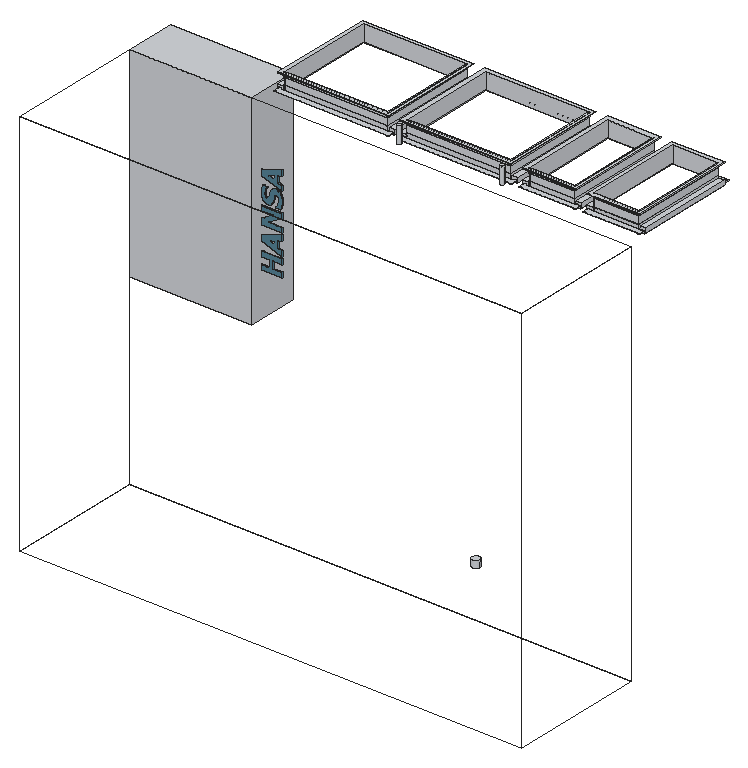
Revit family "KL-P-015-R", category HLS-Bauteile, Revit 2020
Family settings
  Bemaßung runder Anschluss = Durchmesser verwenden
  Klassifizierung = Keine
  Teiletyp = Normal
  Arbeitsebenenbasiert = Nein
  Immer vertikal = Ja
  Beim Laden mit Abzugskörper schneiden = Nein
  Gemeinsam genutzt = Nein
  Raumberechnungspunkt = Nein
Parameters
  Zuluftbreite [instance] = 505 mm  # constant formula
  Vorgabe-Ansicht = 0 mm
  TyS [instance] = size_lookup("TyS_Hansa_KL_P", "", "ND", RLT_Serie, Gehaeuserichtung, Gehaeuseausfuehrung, RLT_MSR_KZ)  # "KL-P-015-R-eCS"
  Schaltschrankbreite [instance] = 600 mm
  Schaltschrank_montiert [instance] = yes
  SSaG [instance] = and(or(Regelung SAIA, Regelung OJ), Schaltschrank_montiert)  # yes
  Regelung SAIA [instance] = yes
  Regelung OJ [instance] = no
  RLT_Volumenstrom_max = 1500 m³/h  # constant formula
  RLT_Volumenstrom_Unit_2 [instance] = 1500 m³/h
  RLT_Volumenstrom_Unit_1 [instance] = 1500 m³/h
  RLT_Typenschlüssel [instance] = TyS  # "KL-P-015-R-eCS"
  RLT_Serie = "KL-P-015"  # constant formula
  RLT_Material_außen [instance] = Stahlblech verzinkt + RAL 9002
  RLT_MSR_KZ [instance] = if(Regelung SAIA, "eCS", if(Regelung OJ, "eCO", "-"))  # "eCS"
  RLT_Länge [instance] = L  # 1860 mm
  RLT_Höhe = H  # 1790 mm
  RLT_Gewicht [instance] = size_lookup("TD_Hansa_KL_P", "Gewicht", 0 mm, TyS) / 1 mm * 1.00 kg  # 557.00 kg
  RLT_Breite = B  # 670 mm
  Modell = "KL-P-015-R"  # constant formula
  L2 = 630 mm  # constant formula
  L1 = 1230 mm  # constant formula
  L = L1 + L2  # 1860 mm
  Kanaltiefe [instance] = RLT_Breite - 190 mm  # 480 mm
  Hersteller = "Hansa"  # constant formula
  H = 1790 mm  # constant formula
  GeräteOK [instance] = H + Fuß  # 1910 mm
  Gehaeuserichtung [instance] = "R"  # constant formula
  Gehaeuseausfuehrung [instance] = "ungeteilt"  # constant formula
  GD_Spannung [instance] = 230 V
  GD_Phasen [instance] = 1
  GD_Nennstrom [instance] = 0 A
  GD_Anschlussleistung [instance] = 0 W
  Fuß [instance] = 120 mm  # constant formula
  Fortluftbreite = 220 mm  # constant formula
  Bedienzone [instance] = yes
  Baugruppe [instance] = "RLT-Gerät"  # constant formula
  BZl [instance] = if(and(or(Regelung SAIA, Regelung OJ), Schaltschrank_montiert), L + Schaltschrankbreite, L)  # 2460 mm
  B = 670 mm  # constant formula
  Außenluftbreite = 220 mm  # constant formula
  Abluftbreite [instance] = 505 mm  # constant formula
Reference planes
  plane 1 "Mitte (Vorne/hinten)": y = 0
  plane 2: z = 0
  plane 3 "Mitte (Links/rechts)": x = 0
  plane 4: x = -930
  plane 5: x = 930
  plane 6 "GV": y = -335
  plane 7 "GH": y = 335
  plane 8 "OKG": z = 1910
  plane 9: y = 272.5
  plane 10: y = -312.5
  plane 11: x = -867.5
  plane 12: x = 867.5
  plane 13: x = -362.5
  plane 14: x = -267.5
  plane 15: x = 237.5
  plane 16: x = 647.5
  plane 17: x = 552.5
  plane 18: x = 332.5
  plane 19: z = 1990
  plane 20 "UKG": z = 120
  plane 21: y = -85
  plane 22: y = -125
  plane 23: z = 90
  plane 24: y = -259
  plane 25: x = 300
  plane 26: y = -1005
  plane 27: x = -1530
Forms (mm)
  Extrusion 1, solid, visible <- "SSaG"
    sketch origin (-61.559, 0, -70) x (1, 0, 0) y (0, 0, 1)
      loop
        line (-1468.441, 1980) -> (-1468.441, 980) -> (-868.441, 980) -> (-868.441, 1980) -> (-1468.441, 1980)
    from 335 to 85
  Extrusion 2, solid
    sketch origin (0, 0, 0) x (1, 0, 0) y (0, 1, 0)
      loop
        circle (0, -125) r 20
    from 120 to 90
  Extrusion 3, solid, material "Glas - klar", visible <- "Bedienzone"
    sketch origin (-600, 0, 0) x (1, 0, 0) y (0, 1, 0)
      loop
        line (-930, -335) -> (-930, -1005) -> (1530, -1005) -> (1530, -335) -> (-930, -335)
    from 1910 to 0
  Extrusion 4, solid
    sketch origin (0, 0, 0) x (1, 0, 0) y (0, 1, 0)
      loop
        circle (-267.5, -259) r 10
    from 1990 to 1910
  Extrusion 5, solid
    sketch origin (0, 0, 0) x (1, 0, 0) y (0, 1, 0)
      loop
        circle (237.5, -259) r 10
    from 1990 to 1910
Dimensions and locks
  equal spacing: plane 4, plane 3 "Mitte (Links/rechts)", plane 5
  "L": plane 4 to plane 5
  "B": plane 7 "GH" to plane 6 "GV"
  locked: plane 7 "GH" to plane 9 at 62.5
  locked: plane 4 to plane 11 at 62.5
  locked: plane 12 to plane 5 at 62.5
  "Abluftbreite": plane 11 to plane 13
  locked: plane 13 to plane 14 at 95
  "Zuluftbreite": plane 14 to plane 15
  "Fortluftbreite": plane 16 to plane 12
  locked: plane 17 to plane 16 at 95
  "Außenluftbreite": plane 18 to plane 17
  plane 15 to plane 18 = 95 mm
  locked: nested 3 to plane 16 at 95
  "Fuß": plane 20 "UKG" to level
  plane 19 to plane 8 "OKG" = 80 mm
  locked: plane 4 to nested 1 at 62.5
  locked: plane 13 to nested 2 at 95
  locked: nested 4 to plane 5 at 62.5
  plane 5 to Extrusion 1 = 1860 mm
  "RLT_Höhe": plane 8 "OKG" to plane 20 "UKG"
  equal spacing: plane 7 "GH", plane 1 "Mitte (Vorne/hinten)", plane 6 "GV"
  locked: plane 6 "GV" to plane 21 at 250
  locked: plane 6 "GV" to plane 22 at 210
  plane 20 "UKG" to plane 23 = 30 mm
  locked: plane 24 to plane 6 "GV" at 76
  "L1": plane 4 to plane 25
  "B": plane 26 to plane 6 "GV"
  "BZl": Extrusion 3 to Extrusion 3
  "Schaltschrankbreite": plane 27 to plane 4
  aligned and locked: level to plane 2
  aligned and locked: plane 8 "OKG" to Extrusion 1
  aligned and locked: Extrusion 1 to plane 6 "GV"
  aligned and locked: plane 21 to Extrusion 1
  aligned and locked: plane 20 "UKG" to Extrusion 2
  aligned and locked: Extrusion 2 to plane 23
  aligned and locked: Extrusion 3 to plane 6 "GV"
  aligned and locked: Extrusion 3 to plane 26
  aligned and locked: plane 8 "OKG" to Extrusion 3
  aligned and locked: Extrusion 1 to plane 4
  aligned and locked: plane 19 to Extrusion 4
  aligned and locked: Extrusion 4 to plane 8 "OKG"
  aligned and locked: plane 19 to Extrusion 5
  aligned and locked: Extrusion 1 to Extrusion 3
  aligned and locked: plane 7 "GH" to nested 6
  aligned and locked: plane 4 to nested 6
Automatic sketch dimensions
  Extrusion 1 sketch curve to plane 5 = 2460 mm
  Extrusion 1 sketch curve to plane 8 "OKG" = 0 mm
  Extrusion 1 sketch curve to plane 5 = 1860 mm
  plane 20 "UKG" to Extrusion 1 sketch curve = 790 mm
  Extrusion 2 sketch curve to plane 3 "Mitte (Links/rechts)" = 0 mm
  Extrusion 2 sketch curve to plane 22 = 0 mm
  plane 4 to Extrusion 3 sketch curve = 600 mm
  Extrusion 3 sketch curve to plane 5 = 0 mm
  Extrusion 3 sketch curve to plane 26 = 0 mm
  plane 6 "GV" to Extrusion 3 sketch curve = 0 mm
  Extrusion 4 sketch curve to plane 14 = 0 mm
  Extrusion 4 sketch curve to plane 24 = 0 mm
  Extrusion 5 sketch curve to plane 15 = 0 mm
  Extrusion 5 sketch curve to plane 24 = 0 mm
  radius of Extrusion 2 sketch curve = 20 mm
  radius of Extrusion 4 sketch curve = 10 mm
  radius of Extrusion 5 sketch curve = 10 mm
Nested families
  nested 1: "Kanalstutzen" at (-615, 29.209, 1910) x (1, 0, 0) z (0, -1, 0), 2570_EST_Breite <- "Abluftbreite", 2571_EST_Höhe <- "Kanaltiefe", built-in parameter 1001360 <- "GeräteOK", type "Kanalstutzen"
    with Tiefe 80 mm, RahmenG2 20 mm, RahmenG1 30 mm, Höhe 480 mm, Breite 505 mm, 2572_EST_Tiefe 80 mm, 2571_EST_Höhe 480 mm, 2570_EST_Breite 505 mm, 1966_EST_Rahmentyp ""
  nested 2: "Kanalstutzen" at (-15, 29.209, 1910) x (1, 0, 0) z (0, -1, 0), 2570_EST_Breite <- "Zuluftbreite", 2571_EST_Höhe <- "Kanaltiefe", built-in parameter 1001360 <- "GeräteOK", type "Kanalstutzen"
    with Tiefe 80 mm, RahmenG2 20 mm, RahmenG1 30 mm, Höhe 480 mm, Breite 505 mm, 2572_EST_Tiefe 80 mm, 2571_EST_Höhe 480 mm, 2570_EST_Breite 505 mm, 1966_EST_Rahmentyp ""
  nested 3: "Kanalstutzen" at (442.5, 29.209, 1910) x (1, 0, 0) z (0, -1, 0), 2570_EST_Breite <- "Außenluftbreite", 2571_EST_Höhe <- "Kanaltiefe", built-in parameter 1001360 <- "GeräteOK", type "Kanalstutzen"
    with Tiefe 80 mm, RahmenG2 20 mm, RahmenG1 30 mm, Höhe 480 mm, Breite 220 mm, 2572_EST_Tiefe 80 mm, 2571_EST_Höhe 480 mm, 2570_EST_Breite 220 mm, 1966_EST_Rahmentyp ""
  nested 4: "Kanalstutzen" at (757.5, 29.209, 1910) x (1, 0, 0) z (0, -1, 0), 2570_EST_Breite <- "Fortluftbreite", 2571_EST_Höhe <- "Kanaltiefe", built-in parameter 1001360 <- "GeräteOK", type "Kanalstutzen"
    with Tiefe 80 mm, RahmenG2 20 mm, RahmenG1 30 mm, Höhe 480 mm, Breite 220 mm, 2572_EST_Tiefe 80 mm, 2571_EST_Höhe 480 mm, 2570_EST_Breite 220 mm, 1966_EST_Rahmentyp ""
  nested 5: "Hansa_Aufkleber_klein" at (-780, -335, 1390) x (0, 0, 1) z (0, -1, 0), type "Hansa_Aufkleber_klein"
  nested 6: "P-015-R_ipt" at (0, 0, 0), type "Norm"
Connectors
  hvac at (-615, 29.209, 1989), driven by "RLT_Volumenstrom_Unit_2", driven by "Abluftbreite", driven by "Kanaltiefe"
    settings: on nested 1, index 1, duct flow 1500 m³/h, flow factor 0, pres drop 0.0 Pa, loss coef 0, conn angle 0.00°, conn width 505 mm, conn height 480 mm, conn diameter 609.6 mm, duct sys type 2, conn prof type 1, flow config 0, flow direction 1, loss method 0, conn ref index -1, conn util no, is conn primary yes, conn desc ""
  hvac at (-15, 29.209, 1989), driven by "RLT_Volumenstrom_Unit_1", driven by "Zuluftbreite", driven by "Kanaltiefe"
    settings: on nested 2, index 2, duct flow 1500 m³/h, flow factor 0, pres drop 0.0 Pa, loss coef 0, conn angle 0.00°, conn width 505 mm, conn height 480 mm, conn diameter 609.6 mm, duct sys type 1, conn prof type 1, flow config 0, flow direction 2, loss method 0, conn ref index -1, conn util no, is conn primary no, conn desc ""
  hvac at (442.5, 29.209, 1989), driven by "RLT_Volumenstrom_Unit_1", driven by "Außenluftbreite", driven by "Kanaltiefe"
    settings: on nested 3, index 3, duct flow 1500 m³/h, flow factor 0, pres drop 0.0 Pa, loss coef 0, conn angle 0.00°, conn width 220 mm, conn height 480 mm, conn diameter 609.6 mm, duct sys type 1, conn prof type 1, flow config 0, flow direction 1, loss method 0, conn ref index -1, conn util no, is conn primary no, conn desc ""
  hvac at (757.5, 29.209, 1989), driven by "RLT_Volumenstrom_Unit_2", driven by "Fortluftbreite", driven by "Kanaltiefe"
    settings: on nested 4, index 4, duct flow 1500 m³/h, flow factor 0, pres drop 0.0 Pa, loss coef 0, conn angle 0.00°, conn width 220 mm, conn height 480 mm, conn diameter 609.6 mm, duct sys type 3, conn prof type 1, flow config 1, flow direction 2, loss method 0, conn ref index -1, conn util no, is conn primary no, conn desc ""
  piping at (0, -125, 90), diameter 40
    settings: on Extrusion 2, index 5, connector inside diameter 609.6 mm, connector length 0 mm, flow factor 0, pipe flow 0.0 L/s, pressure drop 0.0 Pa, fitting loss kfactor 0, connector angle 0.00°, fixture units 0, engagement length 0 mm, angle of deflection 0.00°, flow configuration 0, flow direction 2, fitting loss method 0, system type 16, joint type 0, gender type 0, connector reference index -1, connector utility 0, adjustable connector no, is connector primary yes, connector description ""
  piping at (-267.5, -259, 1990), diameter 20
    settings: on Extrusion 4, index 6, connector inside diameter 609.6 mm, connector length 0 mm, flow factor 0, pipe flow 0.0 L/s, pressure drop 0.0 Pa, fitting loss kfactor 0, connector angle 0.00°, fixture units 0, engagement length 0 mm, angle of deflection 0.00°, flow configuration 0, flow direction 0, fitting loss method 0, system type 19, joint type 0, gender type 0, connector reference index -1, connector utility 0, adjustable connector no, is connector primary no, connector description ""
  piping at (237.5, -259, 1990), diameter 20
    settings: on Extrusion 5, index 7, connector inside diameter 609.6 mm, connector length 0 mm, flow factor 0, pipe flow 0.0 L/s, pressure drop 0.0 Pa, fitting loss kfactor 0, connector angle 0.00°, fixture units 0, engagement length 0 mm, angle of deflection 0.00°, flow configuration 0, flow direction 0, fitting loss method 0, system type 19, joint type 0, gender type 0, connector reference index -1, connector utility 0, adjustable connector no, is connector primary no, connector description ""
Definition of nested family "Kanalstutzen"
  Parameters (values of type "Kanalstutzen")
    Default Elevation = 0 mm
    Tiefe [instance] = [2572_EST_Tiefe]  # 80 mm
    RahmenG2 [instance] = 20 mm
    RahmenG1 [instance] = 30 mm
    Höhe [instance] = [2571_EST_Höhe]  # 500 mm
    Manufacturer = "Hansa"
    Breite [instance] = [2570_EST_Breite]  # 1000 mm
    Description = "Durchbruchsverkleidung"
    2572_EST_Tiefe [instance] = 80 mm
    2571_EST_Höhe [instance] = 500 mm
    2570_EST_Breite [instance] = 1000 mm
    1966_EST_Rahmentyp [instance] = ""
  Reference planes
    plane 1 "Mitte (Vorne/hinten)": y = 0
    plane 2: z = 0
    plane 3 "Mitte (Links/rechts)": x = 0
    plane 4: x = -500
    plane 5: x = 500
    plane 6 "hinten": y = 80
    plane 7: z = 250
    plane 8: z = -250
    plane 9 "R1links": x = -530
    plane 10 "R1rechts": x = 530
    plane 11 "R2links": x = -520
    plane 12 "R2rechts": x = 520
    plane 13 "R1oben": z = 280
    plane 14 "R1unten": z = -280
    plane 15: z = -270
    plane 16: z = 270
  Forms (mm)
    Sweep 1, solid
      path origin (0, 0, 0) x (1, 0, 0) y (0, 0, 1)
        loop
          line (-500, 250) -> (-500, -250) -> (500, -250) -> (500, 250) -> (-500, 250)
      profile origin (0, 0, 250) x (0, 0, 1) y (0, -1, 0)
        loop
          line (0, -40) -> (0, -80) -> (20, -80) -> (20, -79) -> (1.999, -79) -> (1.999, -59) -> (0.962, -59) -> (0.962, -21.406) -> (1.999, -21.406) -> (1.999, -1.406) -> (30, -1.406) -> (30, 0) -> (0, 0) -> (0, -40)
  Dimensions and locks
    equal spacing: plane 4, plane 3 "Mitte (Links/rechts)", plane 5
    "Breite": plane 4 to plane 5
    equal spacing: plane 7, level, plane 8
    "Höhe": plane 7 to plane 8
    "RahmenG1": plane 9 "R1links" to plane 4
    "RahmenG1": plane 5 to plane 10 "R1rechts"
    "RahmenG2": plane 11 "R2links" to plane 4
    "RahmenG2": plane 5 to plane 12 "R2rechts"
    "RahmenG1": plane 13 "R1oben" to plane 7
    "RahmenG1": plane 8 to plane 14 "R1unten"
    "RahmenG2": plane 16 to plane 7
    "RahmenG2": plane 8 to plane 15
    Sweep 1 sketch curve to Sweep 1 sketch curve = 1.406 mm
    Sweep 1 sketch curve to Sweep 1 sketch curve = 1 mm
    Sweep 1 sketch curve to Sweep 1 sketch curve = 0.962 mm
    "2572_EST_Tiefe": plane 6 "hinten" to plane 1 "Mitte (Vorne/hinten)"
    aligned and locked: level to plane 2
    aligned and locked: plane 16 to Sweep 1 sketch curve
    aligned and locked: plane 13 "R1oben" to Sweep 1 sketch curve
    aligned and locked: plane 1 "Mitte (Vorne/hinten)" to Sweep 1
    aligned and locked: plane 1 "Mitte (Vorne/hinten)" to nested 1
    aligned and locked: nested 1 to plane 10 "R1rechts"
    aligned and locked: nested 2 to plane 9 "R1links"
    aligned and locked: plane 8 to nested 2
    aligned and locked: nested 1 to plane 8
  Automatic sketch dimensions
    plane 4 to Sweep 1 sketch curve = 0 mm
    plane 5 to Sweep 1 sketch curve = 0 mm
    Sweep 1 sketch curve to plane 8 = 0 mm
    Sweep 1 sketch curve to plane 7 = 0 mm
    Sweep 1 sketch curve to plane 1 "Mitte (Vorne/hinten)" = 0 mm
    profile plane to Sweep 1 sketch curve = 0 mm
    Sweep 1 sketch curve to profile plane = 1.999 mm  (x2)
    Sweep 1 sketch curve to Sweep 1 sketch curve = 20 mm  (x2)
    Sweep 1 sketch curve to Sweep 1 sketch curve = 18.594 mm
    Sweep 1 sketch curve to Sweep 1 sketch curve = 19 mm
  Nested families
    nested 1: "EGJK30" at (520, 0, -250), L <- "Höhe", type "EGJK30"
      with L 500 mm
    nested 2: "EGJK30" at (-520, 0, -250) x (-1, 0, 0) z (0, 0, 1), L <- "Höhe", type "EGJK30"
      with L 500 mm
  Definition of nested family "EGJK30"
    Parameters (values of type "EGJK30")
      Default Elevation = 0 mm
      L [instance] = 1000 mm
    Reference planes
      plane 1 "Mitte (Vorne/hinten)": y = 0
      plane 2: z = 0
      plane 3 "Mitte (Links/rechts)": x = 0
    Forms (mm)
      Extrusion 1, solid
        sketch origin (16.67, -35.46, 0) x (1, 0, 0) y (0, 1, 0)
          loop
            line (-26.67, 25.46) -> (-6.67, 25.46) -> (-6.67, 30.46) -> (-1.67, 30.46) -> (-1.67, 50.46) -> (-34.67, 50.46) -> (-34.67, 38.46) -> (-5.67, 38.46) -> (-5.67, 35.46) -> (-25.67, 35.46) -> (-25.67, 36.96) -> (-34.67, 36.96) -> (-34.67, 33.96) -> (-26.67, 25.46)
        from 0 to 1000
    Dimensions and locks
      "L": Extrusion 1 to Extrusion 1
      aligned and locked: level to plane 2
    Automatic sketch dimensions
      plane 1 "Mitte (Vorne/hinten)" to Extrusion 1 sketch curve = 0 mm
      Extrusion 1 sketch curve to plane 3 "Mitte (Links/rechts)" = 18 mm
      plane 1 "Mitte (Vorne/hinten)" to Extrusion 1 sketch curve = 1.5 mm
      Extrusion 1 sketch curve to Extrusion 1 sketch curve = 0 mm
      Extrusion 1 sketch curve to plane 3 "Mitte (Links/rechts)" = 10 mm
      Extrusion 1 sketch curve to plane 3 "Mitte (Links/rechts)" = 9 mm
      plane 1 "Mitte (Vorne/hinten)" to Extrusion 1 sketch curve = 5 mm
      plane 3 "Mitte (Links/rechts)" to Extrusion 1 sketch curve = 10 mm
      Extrusion 1 sketch curve to Extrusion 1 sketch curve = 1 mm
      Extrusion 1 sketch curve to Extrusion 1 sketch curve = 5 mm
      plane 1 "Mitte (Vorne/hinten)" to Extrusion 1 sketch curve = 10 mm
      Extrusion 1 sketch curve to plane 1 "Mitte (Vorne/hinten)" = 1.5 mm
      Extrusion 1 sketch curve to Extrusion 1 sketch curve = 1.5 mm
      Extrusion 1 sketch curve to Extrusion 1 sketch curve = 12 mm
Definition of nested family "Hansa_Aufkleber_klein"
  Parameters (values of type "Hansa_Aufkleber_klein")
    Default Elevation = 1219.2 mm
  Reference planes
    plane 1 "Mitte (Vorne/hinten)": y = 0
    plane 2: z = 0
    plane 3 "Mitte (Links/rechts)": x = 0
  Forms (mm)
    Extrusion 1, solid, detail levels medium+fine
      sketch origin (6.994, -10.767, 0) x (1, 0, 0) y (0, 1, 0)
        loop
          line (-226.694, 10.767) -> (-201.573, 10.767) -> (-201.573, 55.095) -> (-167.456, 55.095) -> (-167.456, 10.767) -> (-142.335, 10.767) -> (-142.335, 110.767) -> (-167.456, 110.767) -> (-167.456, 74.138) -> (-201.573, 74.138) -> (-201.573, 110.767) -> (-226.694, 110.767) -> (-226.694, 10.767)
        loop
          line (202.074, 82.404) -> (191.782, 49.341) -> (212.284, 49.341) -> (202.074, 82.404)
        loop
          line (188.703, 110.767) -> (154.91, 10.767) -> (180.032, 10.767) -> (186.353, 31.189) -> (217.795, 31.189) -> (224.035, 10.767) -> (249.886, 10.767) -> (216.093, 110.767) -> (188.703, 110.767)
        loop
          line (34.084, 10.767) -> (58.233, 10.767) -> (58.233, 110.767) -> (35.299, 110.767) -> (35.299, 53.474) -> (3.37, 110.767) -> (-27.424, 110.767) -> (-27.424, 10.767) -> (-4.49, 10.767) -> (-4.49, 80.459) -> (34.084, 10.767)
        loop
          line (-85.203, 82.404) -> (-95.495, 49.341) -> (-74.993, 49.341) -> (-85.203, 82.404)
        loop
          line (-98.575, 110.767) -> (-132.367, 10.767) -> (-107.245, 10.767) -> (-100.925, 31.189) -> (-69.482, 31.189) -> (-63.242, 10.767) -> (-37.391, 10.767) -> (-71.184, 110.767) -> (-98.575, 110.767)
        loop
          line (73.143, 16.683) -> (80.903, 13.695) -> (89.27, 11.213) -> (93.783, 10.238) -> (98.65, 9.542) -> (103.872, 9.124) -> (109.448, 8.984) -> (114.303, 9.126) -> (118.902, 9.552) -> (123.243, 10.261) -> (127.327, 11.253) -> (131.154, 12.53) -> (134.724, 14.09) -> (138.037, 15.933) -> (141.093, 18.061) -> (143.838, 20.421) -> (146.216, 22.963) -> (148.229, 25.688) -> (149.876, 28.595) -> (151.156, 31.685) -> (152.071, 34.957) -> (152.62, 38.411) -> (152.803, 42.048) -> (152.724, 44.578) -> (152.487, 46.981) -> (152.091, 49.257) -> (151.537, 51.407) -> (150.825, 53.431) -> (149.954, 55.328) -> (148.925, 57.098) -> (147.738, 58.741) -> (144.874, 61.745) -> (141.346, 64.434) -> (137.155, 66.81) -> (132.301, 68.871) -> (127.124, 70.542) -> (122.293, 71.829) -> (112.609, 74.057) -> (109.035, 74.977) -> (106.095, 75.952) -> (103.788, 76.982) -> (102.114, 78.069) -> (100.927, 79.287) -> (100.078, 80.713) -> (99.569, 82.346) -> (99.4, 84.187) -> (99.506, 85.453) -> (99.825, 86.659) -> (100.357, 87.803) -> (101.101, 88.887) -> (102.965, 90.731) -> (105.153, 92.048) -> (107.99, 93.142) -> (110.664, 93.83) -> (113.439, 94.195) -> (116.579, 94.317) -> (120.768, 94.112) -> (124.906, 93.496) -> (128.993, 92.471) -> (133.03, 91.035) -> (136.889, 89.3) -> (140.445, 87.378) -> (143.697, 85.268) -> (146.644, 82.971) -> (148.832, 82.971) -> (148.832, 105.824) -> (145.231, 107.285) -> (141.397, 108.589) -> (137.33, 109.737) -> (133.03, 110.727) -> (128.608, 111.524) -> (124.177, 112.094) -> (119.735, 112.436) -> (115.283, 112.55) -> (110.919, 112.414) -> (106.741, 112.006) -> (102.749, 111.325) -> (98.944, 110.372) -> (95.324, 109.147) -> (91.891, 107.65) -> (88.644, 105.88) -> (85.583, 103.839) -> (82.8, 101.578) -> (80.389, 99.151) -> (78.348, 96.559) -> (76.679, 93.8) -> (75.38, 90.876) -> (74.453, 87.786) -> (73.896, 84.53) -> (73.711, 81.108) -> (74.025, 76.136) -> (74.967, 71.596) -> (76.537, 67.486) -> (78.735, 63.806) -> (80.094, 62.119) -> (81.657, 60.522) -> (83.426, 59.014) -> (85.4, 57.597) -> (87.58, 56.269) -> (89.964, 55.031) -> (92.553, 53.884) -> (95.348, 52.826) -> (100.625, 51.195) -> (106.247, 49.868) -> (111.869, 48.642) -> (117.147, 47.315) -> (119.104, 46.707) -> (120.925, 45.937) -> (122.609, 45.006) -> (124.156, 43.912) -> (125.451, 42.645) -> (126.375, 41.197) -> (126.929, 39.566) -> (127.114, 37.753) -> (127, 36.17) -> (126.658, 34.744) -> (126.089, 33.475) -> (125.291, 32.364) -> (123.275, 30.53) -> (120.874, 29.163) -> (118.413, 28.312) -> (115.242, 27.704) -> (112.052, 27.339) -> (109.529, 27.218) -> (105.242, 27.433) -> (100.889, 28.079) -> (96.47, 29.155) -> (91.985, 30.662) -> (87.561, 32.569) -> (83.324, 34.845) -> (79.274, 37.492) -> (75.413, 40.508) -> (73.143, 40.508) -> (73.143, 16.683)
      from 0 to 2
  Dimensions and locks
    aligned and locked: level to plane 2
Definition of nested family "P-015-R_ipt"
  Parameters (values of type "Norm")
    Default Elevation = 0 mm
  Reference planes
    plane 1 "Mitte (Vorne/Hinten)": y = 0
    plane 2: z = 0
    plane 3 "Mitte (Links/Rechts)": x = 0
  Dimensions and locks
    aligned and locked: level to plane 2
